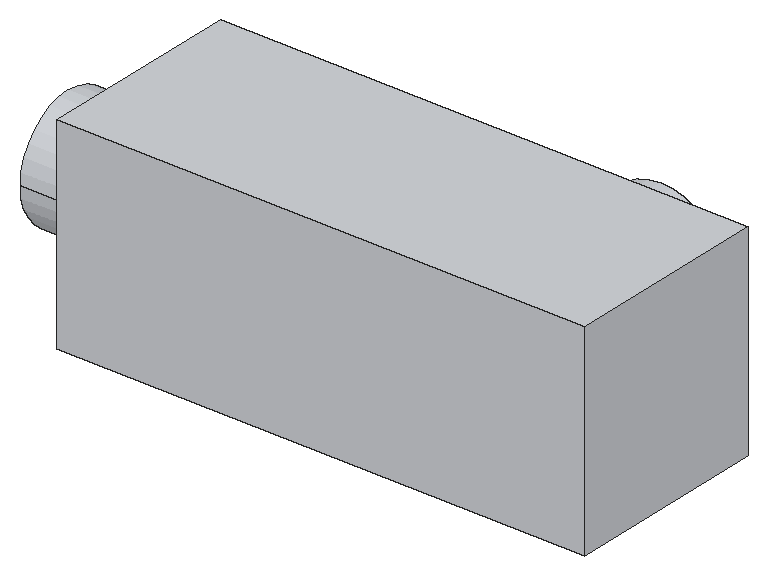
Revit family "d036108d1e48479f938ee21781260fd1", category Conduit Fittings, Revit 2021
Family settings
  Round Connector Dimension = Use Radius
  Part Type = Junction Box Elbow
  OmniClass Number = 23.80.30.17.11
  OmniClass Title = Conduits
  Work Plane-Based = No
  Always vertical = Yes
  Cut with Voids When Loaded = No
  Shared = No
Parameters (values of type "Standard")
  Total Length 2 [instance] = size_lookup(Conduit Size Lookup, "TLgt2", 1.63 * Max Nominal Diameter 12 + 1 15/32", Max Nominal Diameter 12)  # 2.487"
  Total Length 1 [instance] = size_lookup(Conduit Size Lookup, "TLgt1", 3.47 * Max Nominal Diameter 12 + 3 87/256", Max Nominal Diameter 12)  # 5.395"
  Nominal Radius 2 [instance] = 1/4"
  Nominal Radius 1 [instance] = 1/4"
  Nominal Diameter 2 [instance] = Nominal Radius 2 * 2  # 1/2"
  Nominal Diameter 1 [instance] = Nominal Radius 1 * 2  # 1/2"
  Max Nominal Diameter 12 [instance] = if(Nominal Diameter 1 > Nominal Diameter 2, Nominal Diameter 1, Nominal Diameter 2)  # 1/2"
  Length 2 [instance] = Total Length 1 - Center to End 1  # 1.3"
  Length 1 [instance] = Center to End 1 - Conduit Length 1  # 3.456"
  Fitting Outside Radius 2 [instance] = Fitting Outside Diameter 2 * 0.5  # 0.54"
  Fitting Outside Radius 1 [instance] = Fitting Outside Diameter 1 * 0.5  # 0.54"
  Fitting Outside Diameter 2 [instance] = size_lookup(Conduit Size Lookup, "FOD", 1.14 * Nominal Diameter 2 + 1/2", Nominal Diameter 2)  # 1.08"
  Fitting Outside Diameter 1 [instance] = size_lookup(Conduit Size Lookup, "FOD", 1.14 * Nominal Diameter 1 + 1/2", Nominal Diameter 1)  # 1.08"
  Default Elevation = 0' - 0"
  Conduit Size Lookup = "Conduit Body - Type L - PVC"
  Conduit Length 2 [instance] = size_lookup(Conduit Size Lookup, "CLgt", 0.46 * Nominal Diameter 2 + 115/256", Nominal Diameter 2)  # 0.639"
  Conduit Length 1 [instance] = size_lookup(Conduit Size Lookup, "CLgt", 0.46 * Nominal Diameter 1 + 115/256", Nominal Diameter 1)  # 0.639"
  Center to End 1 [instance] = size_lookup(Conduit Size Lookup, "CtE1", 2.47 * Max Nominal Diameter 12 + 2 197/256", Max Nominal Diameter 12)  # 4.095"
  Length 3 [instance] = Total Length 2 - Conduit Length 2  # 1.848"
Reference planes (in)
  plane 1 "Center (Front/Back)": y = 0
  plane 2: z = 0
  plane 3 "Center (Left/Right)": x = 0
  plane 4: x = -3.456
  plane 5: x = 1.3
  plane 6: y = 0.924
  plane 7: y = -0.924
  plane 8: z = 0.924
  plane 9: z = -0.924
  plane 10: x = -4.095
  plane 11: y = 1.563
Forms (in)
  Extrusion 1, solid
    sketch origin (0, 0, 0) x (1, 0, 0) y (0, 1, 0)
      loop
        line (-3.456, 0.924) -> (-3.456, -0.924) -> (1.3, -0.924) -> (1.3, 0.924) -> (-3.456, 0.924)
    from -0.924 to 0.924
  Extrusion 2, solid, detail levels fine
    sketch origin (0, 0, 0) x (0, 1, 0) y (0, 0, 1)
      loop
        circle (0, 0) r 0.54
    from -4.095 to -3.456
  Extrusion 3, solid, detail levels fine
    sketch origin (0, 0, 0) x (1, 0, 0) y (0, 0, 1)
      loop
        circle (0, 0) r 0.54
    from -0.924 to -1.563
Cuts and joins
  joined: Extrusion 2, Extrusion 3
Lines and regions (in)
  model lines, detail levels coarse+medium
    curve 1: line (-4.095, 0, 0) -> (-3.456, 0, 0)
    curve 2: line (0, 1.563, 0) -> (0, 0.924, 0)
Dimensions and locks (in)
  "Length 1": plane 4 to plane 3 "Center (Left/Right)"
  "Length 2": plane 3 "Center (Left/Right)" to plane 5
  equal spacing: plane 6, plane 1 "Center (Front/Back)", plane 7
  "Length 3": plane 6 to plane 7
  equal spacing: plane 8, plane 2, plane 9
  "Length 3": plane 8 to plane 9
  "Conduit Length 1": plane 10 to plane 4
  "Conduit Length 2": plane 11 to plane 6
  "Fitting Outside Radius 1": radius of Extrusion 2 sketch curve
  "Fitting Outside Radius 2": radius of Extrusion 3 sketch curve
  aligned and locked: Extrusion 1 to plane 7
  aligned and locked: plane 6 to Extrusion 1
  aligned and locked: Extrusion 1 to plane 4
  aligned and locked: plane 5 to Extrusion 1
  aligned and locked: plane 8 to Extrusion 1
  aligned and locked: Extrusion 1 to plane 9
  aligned and locked: plane 2 to Extrusion 2 sketch curve
  aligned and locked: plane 1 "Center (Front/Back)" to Extrusion 2 sketch curve
  aligned and locked: plane 4 to Extrusion 2
  aligned and locked: Extrusion 2 to plane 10
  aligned and locked: plane 2 to Extrusion 3 sketch curve
  aligned and locked: plane 3 "Center (Left/Right)" to Extrusion 3 sketch curve
  aligned and locked: plane 11 to Extrusion 3
  aligned and locked: plane 10 to curve 1
  aligned and locked: plane 4 to curve 1
  aligned and locked: plane 1 "Center (Front/Back)" to curve 1
  aligned and locked: plane 11 to curve 2
  aligned and locked: plane 6 to curve 2
  aligned and locked: curve 2 to plane 3 "Center (Left/Right)"
  aligned and locked: cut or joined group of Extrusion 2, Extrusion 3 to plane 6
Automatic sketch dimensions
  plane 4 to Extrusion 1 sketch curve = 0' - 0"
  Extrusion 1 sketch curve to plane 5 = 0' - 0"
  plane 1 "Center (Front/Back)" to Extrusion 1 sketch curve = 0' - 0.924"
  Extrusion 1 sketch curve to plane 1 "Center (Front/Back)" = 0' - 0.924"
Connectors (in)
  cabletrayconduit at (-4.095, 0, 0), diameter 0.5, driven by "Nominal Radius 1"
    settings: on Extrusion 2, index 1, connector width 1' - 0", connector height 1' - 0", connector angle 0.00°, system type 32, placement type 0, profile type 0, connector reference index 2, is primary connector yes, connector utility param no, connector description ""
  cabletrayconduit at (0, 1.563, 0), diameter 0.5, driven by "Nominal Radius 2"
    settings: on Extrusion 3, index 2, connector width 1' - 0", connector height 1' - 0", connector angle 0.00°, system type 32, placement type 0, profile type 0, connector reference index 1, is primary connector no, connector utility param no, connector description ""
